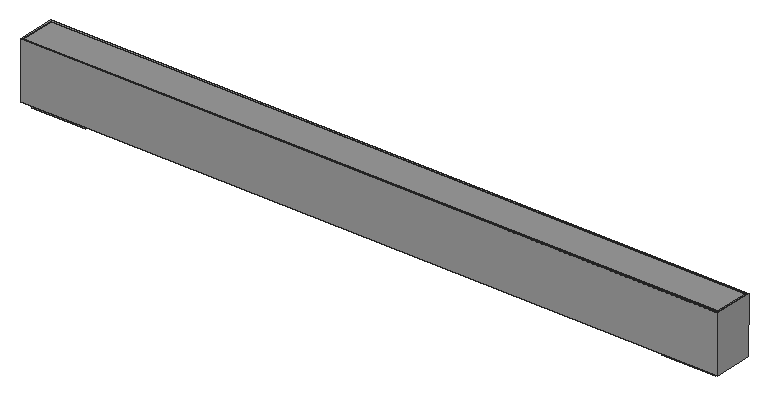
Revit family "Alcon - 15100_24 Inch-Linear", category Lighting Fixtures, host Face, Revit 2025
Family settings
  Host = Face
  Round Connector Dimension = Use Diameter
  Part Type = Normal
  Cut with Voids When Loaded = No
  Light Source = Yes
  Maintain Annotation Orientation = No
  Shared = No
  Room Calculation Point = No
Parameters
  Wattage = 9.2903 W
  built-in parameter 1150110 = 1 (stored number, unit not read)
  built-in parameter 1114217 = 1 (stored number, unit not read)
  built-in parameter 1150109 = 1 (stored number, unit not read)
  built-in parameter 1150134 = 3
  built-in parameter 1150113 = 1 (stored number, unit not read)
  built-in parameter 1150105 = 439.27 (stored number, unit not read)
  Lumens = 1380 lm
  built-in parameter 1150115 = 1 (stored number, unit not read)
  Light Source Symbol Size = 2' - 0"
  built-in parameter 1150137 = (empty or 0)
  built-in parameter 1150139 = (empty or 0)
  built-in parameter 1150112 = 1 (stored number, unit not read)
  built-in parameter 1150114 = 1 (stored number, unit not read)
  built-in parameter 1150132 = (empty or 0)
  built-in parameter 1150102 = (empty or 0)
  built-in parameter 1150107 = 3200 (stored number, unit not read)
  built-in parameter 1150138 = (empty or 0)
  built-in parameter 1150106 = 4.3927 (stored number, unit not read)
  Housing = Default
  Glass Frosted = Glass, Frosted
  Fixture Length = 0' - 11.9"
  Emit from Line Length = 2' - 0"
  built-in parameter 1150104 = 13.8 (stored number, unit not read)
  Dimming Lamp Color Temperature Shift = (empty or 0)
  Default Elevation = 4' - 0"
  Color Filter = 16777215
  built-in parameter 1114218 = 1 (stored number, unit not read)
  built-in parameter 1150133 = 10 (stored number, unit not read)
Reference planes (in)
  plane 1 "Center (Front/Back)": y = 0
  plane 2: z = 0
  plane 3 "Center (Left/Right)": x = 0
Forms (in)
  Extrusion 1, solid, material "Default" <- "Housing"
    sketch origin (0, 0, 0) x (0, 1, 0) y (0, 0, 1)
      loop
        line (0.65, 2.17) -> (-0.65, 2.17) -> (-0.65, 0.25) -> (0.65, 0.25) -> (0.65, 2.17)
    from 0 to 23.74
  Extrusion 2, void
    sketch origin (0, 0, 0) x (0, 1, 0) y (0, 0, 1)
      loop
        line (0.60703, 0.29297) -> (0.60703, 2.17) -> (-0.60703, 2.17) -> (-0.60703, 0.29297) -> (0.60703, 0.29297)
    from 0.04564 to 23.69551
  Extrusion 3, solid, material "Glass, Frosted" <- "Glass Frosted"
    sketch origin (0, 0.35, 2.17) x (0, -1, 0) y (1, 0, 0)
      loop
        line (-0.25703, 0.04564) -> (0.95703, 0.04564) -> (0.95703, 23.69551) -> (-0.25703, 23.69551) -> (-0.25703, 0.04564)
    from 0 to -0.0625
  Extrusion 4, solid, material "Default" <- "Housing"
    sketch origin (0.24219, 0.80127, 0) x (0, 1, 0) y (0, 0, 1)
      loop
        line (-0.32706, 0.25) -> (-1.25034, 0.25) -> (-1.25034, 0.0773) -> (-0.32706, 0.0773) -> (-0.32706, 0.25)
    from 0 to 1.8125
  Extrusion 5, solid, material "Default" <- "Housing"
    sketch origin (23.49781, 0.65, 0) x (0, -1, 0) y (0, 0, 1)
      loop
        line (0.17579, 0.0773) -> (1.09907, 0.0773) -> (1.09907, 0.25) -> (0.17579, 0.25) -> (0.17579, 0.0773)
    from 0 to 1.8125
Cuts and joins
  Extrusion 2 cuts Extrusion 1
Lines and regions (in)
  reference lines
    curve 1: line (0.24219, -2.48319, 0) -> (0.24219, 2.01681, 0)
    curve 2: line (23.49781, 2.01681, 0) -> (23.49781, -2.48319, 0)
Dimensions and locks (in)
  Extrusion 5 sketch curve to cut or joined group of Extrusion 1, Extrusion 2 = 0' - 0 31/128"
  aligned and locked: plane 2 to host face
  aligned and locked: level to host face
